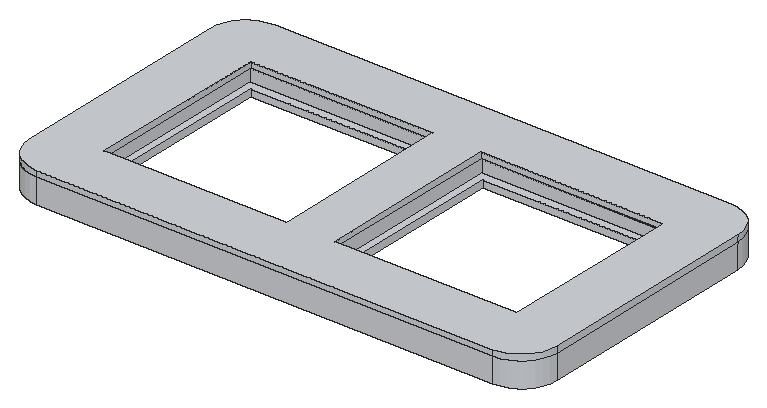
Revit family "Gira_0212426", category Electrical Fixtures, host Face, Revit 2017
Family settings
  Host = Face
  Maintain Annotation Orientation = No
  Round Connector Dimension = Use Diameter
  Part Type = Normal
  Cut with Voids When Loaded = No
  Shared = No
  Room Calculation Point = No
Parameters (values of type "Abdeckrahmen 2f Gira E3 Umbra/Anthrazit")
  Werkstoffgüte = "sonstige"
  Werkstoff = "sonstige"
  URL = "http://katalog.gira.de/de_DE/datenblatt.html?artikelnr=0212426"
  Transparent = "No"
  Textfeld/Beschriftungsfläche = "No"
  Schutzart (IP) = "IP20"
  Region = "DE"
  Oberfläche = "sonstige"
  Name = "Abdeckrahmen 2f Gira E3 Umbra/Anthrazit"
  Montagerichtung = "horizontal und vertikal"
  Mit Montagerahmen = "No"
  Mit Klappdeckel = "No"
  Manufacturer URL = "https://www.gira.de/"
  Keynote = "E3_Rahmen_2fach"
  HeinzeBIM = "https://bimportal.heinze.de/bim/abdeckrahmen-2f-gira-e3-umbra-anthrazit/bb48314c1b6331e845721c96ad3c12721da7bb21"
  Halogenfrei = "No"
  HAN = "0212426"
  Geeignet für Unterputz-Installation = "Yes"
  Geeignet für Unterflurkanaldose = "No"
  Geeignet für Geräteeinbaukanal = "No"
  Geeignet für Einbauinstallation = "No"
  GTIN = "4010337024460"
  Farbe = "sonstige"
  Default Elevation = 1219.2 mm
  Data sheet (1) = "https://katalog.gira.de/de_DE/download.html?artikelnr=0212426"
  Category = "Abdeckrahmen"
  Befestigungsart = "Klemmbefestigung"
  Available = "Yes"
  Anzahl der Einheiten vertikal = "2 "
  Anzahl der Einheiten horizontal = "2 "
  Anzahl der Einheiten = "2 "
Reference planes
  plane 1 "Center (Front/Back)": y = 0
  plane 2: z = 0
  plane 3 "Center (Left/Right)": x = 0
Forms (mm)
  Extrusion 1, solid, detail levels fine
    sketch origin (0, 0, 0) x (1, 0, 0) y (0, 1, 0)
      loop
        arc (-70.35, 45.809) -> (-78.134, 42.585) -> (-81.359, 34.8) r 11.009
        line (-81.359, 34.8) -> (-81.359, -34.8)
        arc (-81.359, -34.8) -> (-78.134, -42.585) -> (-70.35, -45.809) r 11.009
        line (-70.35, -45.809) -> (70.35, -45.809)
        arc (70.35, -45.809) -> (78.135, -42.585) -> (81.359, -34.8) r 11.009
        line (81.359, -34.8) -> (81.359, 34.8)
        arc (81.359, 34.8) -> (78.135, 42.585) -> (70.35, 45.809) r 11.009
        line (70.35, 45.809) -> (-70.35, 45.809)
      loop
        line (-7.45, 28.187) -> (-63.706, 28.187) -> (-63.706, -28.187) -> (-7.45, -28.187) -> (-7.45, 28.187)
      loop
        line (7.45, 28.187) -> (7.45, -28.187) -> (63.706, -28.187) -> (63.706, 28.187) -> (7.45, 28.187)
    from 7.65 to 9.5
  Extrusion 2, solid, detail levels fine
    sketch origin (-35.75, 0, 0) x (1, 0, 0) y (0, 1, 0)
      loop
        line (25.7, 25.7) -> (-25.7, 25.7) -> (-25.7, -25.7) -> (25.7, -25.7) -> (25.7, 25.7)
      loop
        line (-28.187, -28.156) -> (28.187, -28.156) -> (28.187, 28.156) -> (-28.187, 28.156) -> (-28.187, -28.156)
    from 1.65 to 3.9
  Extrusion 3, solid, detail levels fine
    sketch origin (0, 0, 0) x (1, 0, 0) y (0, 1, 0)
      loop
        arc (-70.35, 45.809) -> (-78.134, 42.585) -> (-81.359, 34.8) r 11.009
        line (-81.359, 34.8) -> (-81.359, -34.8)
        arc (-81.359, -34.8) -> (-78.134, -42.585) -> (-70.35, -45.809) r 11.009
        line (-70.35, -45.809) -> (70.35, -45.809)
        arc (70.35, -45.809) -> (78.135, -42.585) -> (81.359, -34.8) r 11.009
        line (81.359, -34.8) -> (81.359, 34.8)
        arc (81.359, 34.8) -> (78.135, 42.585) -> (70.35, 45.809) r 11.009
        line (70.35, 45.809) -> (-70.35, 45.809)
      loop
        line (-79.393, 34.785) -> (-79.393, -34.785)
        arc (-79.393, -34.785) -> (-76.739, -41.19) -> (-70.334, -43.843) r 9.058
        line (-70.334, -43.843) -> (70.335, -43.843)
        arc (70.335, -43.843) -> (76.74, -41.19) -> (79.393, -34.785) r 9.058
        line (79.393, -34.785) -> (79.393, 34.785)
        arc (79.393, 34.785) -> (76.74, 41.19) -> (70.335, 43.843) r 9.058
        line (70.335, 43.843) -> (-70.334, 43.843)
        arc (-70.334, 43.843) -> (-76.739, 41.19) -> (-79.393, 34.785) r 9.058
    from 0 to 7.65
  Extrusion 4, solid, detail levels fine
    sketch origin (0, 0, 0) x (1, 0, 0) y (0, 1, 0)
      loop
        line (-62.956, -31.075) -> (62.956, -31.075)
        arc (62.956, -31.075) -> (65.599, -29.98) -> (66.694, -27.337) r 3.739
        line (66.694, -27.337) -> (66.694, 27.337)
        arc (66.694, 27.337) -> (65.599, 29.98) -> (62.956, 31.075) r 3.739
        line (62.956, 31.075) -> (-62.956, 31.075)
        arc (-62.956, 31.075) -> (-65.599, 29.98) -> (-66.694, 27.337) r 3.739
        line (-66.694, 27.337) -> (-66.694, -27.337)
        arc (-66.694, -27.337) -> (-65.599, -29.98) -> (-62.956, -31.075) r 3.739
      loop
        line (-65.544, 27.537) -> (-65.544, -27.537)
        arc (-65.544, -27.537) -> (-64.845, -29.226) -> (-63.156, -29.925) r 2.389
        line (-63.156, -29.925) -> (63.156, -29.925)
        arc (63.156, -29.925) -> (64.845, -29.226) -> (65.544, -27.537) r 2.389
        line (65.544, -27.537) -> (65.544, 27.537)
        arc (65.544, 27.537) -> (64.845, 29.226) -> (63.156, 29.925) r 2.389
        line (63.156, 29.925) -> (-63.156, 29.925)
        arc (-63.156, 29.925) -> (-64.845, 29.226) -> (-65.544, 27.537) r 2.389
    from 1.65 to 7.65
  Extrusion 5, solid, detail levels fine
    sketch origin (0, 0, 0) x (1, 0, 0) y (0, 1, 0)
      loop
        line (-67.617, -39.8) -> (67.617, -39.8)
        arc (67.617, -39.8) -> (73.232, -36.708) -> (75.464, -30.7) r 9.2
        line (75.464, -30.7) -> (75.464, 30.7)
        arc (75.464, 30.7) -> (72.77, 37.205) -> (66.264, 39.9) r 9.2
        line (66.264, 39.9) -> (-66.264, 39.9)
        arc (-66.264, 39.9) -> (-72.77, 37.205) -> (-75.464, 30.7) r 9.2
        line (-75.464, 30.7) -> (-75.464, -30.7)
        arc (-75.464, -30.7) -> (-73.232, -36.708) -> (-67.617, -39.8) r 9.2
      loop
        line (-66.264, -31.7) -> (66.264, -31.7)
        arc (66.264, -31.7) -> (66.972, -31.407) -> (67.264, -30.7) r 1
        line (67.264, -30.7) -> (67.264, 30.7)
        arc (67.264, 30.7) -> (66.972, 31.407) -> (66.264, 31.7) r 1
        line (66.264, 31.7) -> (-66.264, 31.7)
        arc (-66.264, 31.7) -> (-66.972, 31.407) -> (-67.264, 30.7) r 1
        line (-67.264, 30.7) -> (-67.264, -30.7)
        arc (-67.264, -30.7) -> (-66.972, -31.407) -> (-66.264, -31.7) r 1
    from 1.65 to 3.9
  Extrusion 6, solid, detail levels fine
    sketch origin (-35.75, 0, 0) x (1, 0, 0) y (0, 1, 0)
      loop
        line (-28.187, 28.156) -> (-28.187, -28.156) -> (28.187, -28.156) -> (28.187, 28.156) -> (-28.187, 28.156)
      loop
        line (-29.925, 29.925) -> (-29.925, -29.925) -> (29.925, -29.925) -> (29.925, 29.925) -> (-29.925, 29.925)
    from 1.65 to 7.65
  Extrusion 7, solid, detail levels coarse+medium
    sketch origin (0, 0, 0) x (1, 0, 0) y (0, 1, 0)
      loop
        line (-81.359, 45.809) -> (-81.359, -45.809) -> (81.359, -45.809) -> (81.359, 45.809) -> (-81.359, 45.809)
    from 0 to 9.5
  Extrusion 8, solid, detail levels fine
    sketch origin (35.75, 0, 0) x (-1, 0, 0) y (0, -1, 0)
      loop
        line (25.7, -25.7) -> (25.7, 25.7) -> (-25.7, 25.7) -> (-25.7, -25.7) -> (25.7, -25.7)
      loop
        line (-28.187, 28.156) -> (-28.187, -28.156) -> (28.187, -28.156) -> (28.187, 28.156) -> (-28.187, 28.156)
    from 1.65 to 3.9
  Extrusion 9, solid, detail levels fine
    sketch origin (35.75, 0, 0) x (-1, 0, 0) y (0, -1, 0)
      loop
        line (-28.187, -28.156) -> (28.187, -28.156) -> (28.187, 28.156) -> (-28.187, 28.156) -> (-28.187, -28.156)
      loop
        line (-29.925, -29.925) -> (29.925, -29.925) -> (29.925, 29.925) -> (-29.925, 29.925) -> (-29.925, -29.925)
    from 1.65 to 7.65
Dimensions and locks
  aligned and locked: plane 2 to host face
  aligned and locked: level to host face
